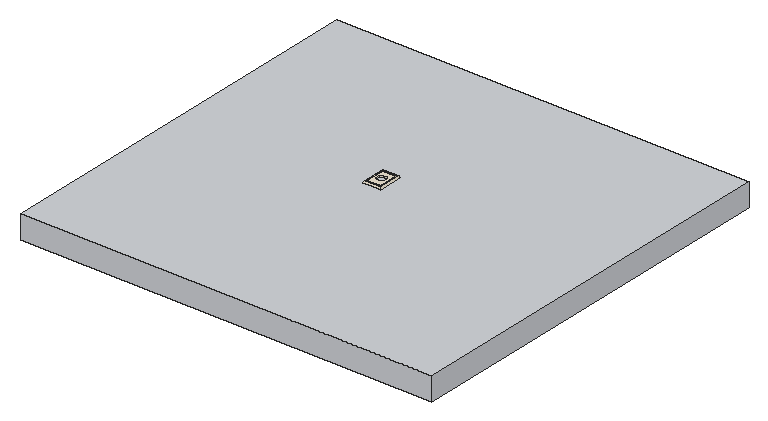
Revit family "231310005403970", category Modelos genéricos, Revit 2018
Family settings
  Anfitrión = Cara
  Puede alojar armadura = No
  Cota de conector redondo = Diámetro de uso
  Tipo de pieza = Normal
  Corte con vacíos al cargar = No
  Compartido = No
  Punto de cálculo de habitación = No
Parameters (values of type "VERSETTA STONE LIGHT BOX TAUPE")
  Ventajas = ""
  Uso = ""
  Url Ficha tecnica = "https://empresascnp.cl/wp-content/uploads//pdf/ficha-tecnica-versetta-stone-light-box-taupe.pdf"
  Unidad = "Por unidad"
  URL = "https://www.empresascnp.cl/"
  Num SKUs = "231310005403970"
  Nombre SKU = "VERSETTA STONE LIGHT BOX TAUPE"
  Model = "VERSETTA STONE LIGHT BOX"
  Material = Stone TAUPE
  Largo = 55.00 mm
  Espesor = 75.00 mm
  Empresa = "CNP SPA."
  Elevación por defecto = 1000.00 mm
  Dureza = ""
  Dimension = 75.00 mm
  Description = "Tapa para caja tecla de iluminacion."
  Assembly Code = ""
  Contacto = "info@empresascnp.cl"
  Color = "TAUPE"
  Aplicacion = "Accesorio para la instalación de Versetta Stone"
Reference planes
  plane 1: z = 0
  plane 2 "level above": z = 15
  plane 3 "level below": z = -50
  plane 4 "izq": x = -88.238
  plane 5: y = 55.02
  plane 6: y = 17.52
  plane 7: y = 27.52
  plane 8: y = 7.52
  plane 9: x = -60.738
  plane 10: x = -50.738
  plane 11: x = -70.738
  plane 12: y = -19.98
  plane 13 "2": x = -33.238
Forms (mm)
  Extrusion 1, solid
    sketch origin (0, 0, 0) x (1, 0, 0) y (0, 1, 0)
      loop
        line (-644.525, 571.5) -> (-644.525, -666.75) -> (644.525, -666.75) -> (644.525, 571.5) -> (-644.525, 571.5)
    from 0 to -72.672
  Revolve 2, void, not visible
    sketch origin (-150.829, 0, 5) x (-1, 0, 0) y (0, 1, 0)
      loop
        line (-149.164, 92.939) -> (-149.164, 94.562) -> (-184.164, 94.562) -> (-184.164, 77.939) -> (-164.164, 77.939)
        arc (-164.164, 77.939) -> (-159.771, 88.545) -> (-149.164, 92.939) r 15
      axis (-149.164, 94.562) -> (-149.164, 77.939)
    angle from 0 to -90
  Extrusion 3, solid, not visible
    sketch origin (-176.738, 0, 5) x (0, 1, 0) y (0, 0, 1)
      loop
        line (77.939, 15) -> (77.939, 0) -> (92.939, 0)
        arc (92.939, 0) -> (88.545, 10.607) -> (77.939, 15) r 15
    from 12.574 to 190.074
  Revolve 4, void, not visible
    sketch origin (0, 0, 5) x (1, 0, 0) y (0, 1, 0)
      loop
        line (-149.164, 92.939) -> (-149.164, 94.493) -> (-184.164, 94.493) -> (-184.164, 77.939) -> (-164.164, 77.939)
        arc (-164.164, 77.939) -> (-159.771, 88.545) -> (-149.164, 92.939) r 15
      axis (-149.164, 94.493) -> (-149.164, 77.939)
    angle from 0 to -90
  Blend 5, solid, material "Stone TAUPE" <- "Material"
    base sketch origin (0, 0, 0) x (1, 0, 0) y (0, 1, 0)
      loop
        line (-88.238, 55.02) -> (-88.238, -19.98) -> (-33.238, -19.98) -> (-33.238, 55.02) -> (-88.238, 55.02)
    top sketch origin (0, 0, 0) x (1, 0, 0) y (0, 1, 0)
      loop
        line (-86.238, 53.02) -> (-86.238, -17.98) -> (-35.238, -17.98) -> (-35.238, 53.02) -> (-86.238, 53.02)
    from 0 to 5
  Extrusion 6, void
    sketch origin (0, 0, 0) x (1, 0, 0) y (0, 1, 0)
      loop
        line (-67.926, 30.645) -> (-73.863, 24.708) -> (-73.863, 10.333) -> (-67.926, 4.395) -> (-53.551, 4.395) -> (-47.613, 10.333) -> (-47.613, 24.708) -> (-53.551, 30.645) -> (-67.926, 30.645)
    from -2.515 to 9.96
  Extrusion 7, void
    sketch origin (0, 0, 0) x (1, 0, 0) y (0, 1, 0)
      loop
        line (-83.238, 50.02) -> (-83.238, -14.98) -> (-38.238, -14.98) -> (-38.238, 50.02) -> (-83.238, 50.02)
      loop
        line (-81.238, 48.02) -> (-81.238, -12.98) -> (-40.238, -12.98) -> (-40.238, 48.02) -> (-81.238, 48.02)
    from 3 to 6
Cuts and joins
  Extrusion 6, Extrusion 7 cuts Blend 5
Lines and regions (mm)
  model lines, not visible
    curve 1: line (-164.164, 92.939, 0) -> (13.336, 92.939, 0)
    curve 2: line (13.336, 92.939, 0) -> (13.336, 77.939, 0)
    curve 3: line (13.336, 77.939, 0) -> (-164.164, 77.939, 0)
    curve 4: line (-164.164, 77.939, 0) -> (-164.164, 92.939, 0)
Dimensions and locks
  locked: plane 2 "level above" to level at 15
  locked: level to plane 3 "level below" at 50
  equal spacing: plane 12, plane 6, plane 5
  equal spacing: plane 7, plane 6, plane 8, locked at 10 each
  equal spacing: plane 4 "izq", plane 9, plane 13 "2"
  plane 11 to plane 9 to plane 10 = 10.00 mm locked, 10.00 mm locked
  aligned and locked: plane 1 to Extrusion 1
  aligned and locked: level to Extrusion 1
Automatic sketch dimensions
  Extrusion 1 sketch curve to Extrusion 1 sketch curve = 1289.05 mm
  Extrusion 1 sketch curve to Extrusion 1 sketch curve = 1238.25 mm
  Blend 5 sketch curve to plane 4 "izq" = 0.00 mm
  plane 5 to Blend 5 sketch curve = 0.00 mm
  Blend 5 sketch curve to plane 13 "2" = 0.00 mm
  plane 12 to Blend 5 sketch curve = 0.00 mm
  plane 4 "izq" to Blend 5 sketch curve = 2.00 mm
  Blend 5 sketch curve to plane 12 = 2.00 mm
  Blend 5 sketch curve to plane 13 "2" = 2.00 mm
  plane 5 to Blend 5 sketch curve = 2.00 mm
  Extrusion 6 sketch curve to plane 11 = 3.125 mm
  plane 11 to Extrusion 6 sketch curve = 2.813 mm
  plane 11 to Extrusion 6 sketch curve = 2.812 mm
  plane 10 to Extrusion 6 sketch curve = 2.812 mm  (x2)
  Extrusion 6 sketch curve to plane 10 = 3.125 mm
  Extrusion 6 sketch curve to plane 8 = 3.125 mm
  plane 8 to Extrusion 6 sketch curve = 2.812 mm  (x2)
  plane 7 to Extrusion 6 sketch curve = 2.813 mm
  plane 7 to Extrusion 6 sketch curve = 2.812 mm
  Extrusion 6 sketch curve to plane 7 = 3.125 mm
  plane 4 "izq" to Extrusion 7 sketch curve = 5.00 mm
  Extrusion 7 sketch curve to plane 13 "2" = 5.00 mm
  Extrusion 7 sketch curve to plane 12 = 5.00 mm
  plane 5 to Extrusion 7 sketch curve = 5.00 mm
  Extrusion 7 sketch curve to Extrusion 7 sketch curve = 2.00 mm  (x4)
